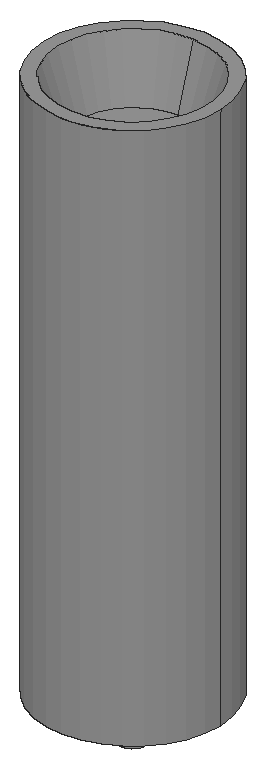
Revit family "2061015 Sylvania Lighting Fixture TubiXx LED surface 2700K white-white", category Lighting Fixtures, host Face, Revit 2016
Family settings
  Host = Face
  Part Type = Normal
  Round Connector Dimension = Use Diameter
  OmniClass Number = 23.80.70.00
  OmniClass Title = Lighting
  Cut with Voids When Loaded = No
  Light Source = Yes
  Shared = No
  Room Calculation Point = No
Parameters (values of type "2061015 TUBIXX LED SURFACE 2700K WHITE-WHITE")
  Weight = "n/a"
  Wattage Comments = ""
  Wattage = 9.2903 W
  WarrantyStartDate [instance] = "n/a"
  WarrantyGuarantorParts = "n/a"
  WarrantyDurationUnit = "n/a"
  WarrantyDurationParts = ""
  WarrantyDescription = "http://www.sylvania-lighting.com"
  built-in parameter 1150110 = 1 (stored number, unit not read)
  Voltage = 0 V
  URL = "0.95"
  TypeName = "TubiXx LED surface 2700K white-white"
  Type Image = <None>
  Type Comments = "n/a"
  Tube Recess = 28 mm
  Tube Diameter = 80 mm
  built-in parameter 1114217 = 1 (stored number, unit not read)
  Tilt Angle = 90.00°
  built-in parameter 1150109 = 1 (stored number, unit not read)
  built-in parameter 1150134 = 3
  built-in parameter 1150113 = 1 (stored number, unit not read)
  SerialNumber [instance] = "n/a"
  Photometric Web File = "2061015.ies"
  Material_3_FEILO = none
  PowerFactor = 0
  PowerConsumption = "Lighting"
  NominalLength = 0 mm
  NominalHeight = 0 mm
  NominalDepth = 0 mm
  Name = "TubiXx LED surface 2700K white-white"
  ModelReference = Name  # "TubiXx LED surface 2700K white-white"
  ModelNumber = "2061015"
  Model = Name  # "TubiXx LED surface 2700K white-white"
  Material = "Feilo Sylvania"
  ManufacturerName = "82 lm/W"
  Manufacturer = ""
  LuminousEfficacy = ""
  built-in parameter 1150105 = 109.82 (stored number, unit not read)
  Lumens = 1380 lm
  LuminaireType = "0"
  built-in parameter 1150115 = 1 (stored number, unit not read)
  LightOutputRatio = "LED"
  built-in parameter 1150137 = (empty or 0)
  built-in parameter 1150139 = (empty or 0)
  LampsType = Lamp  # "n/a"
  LampNominalLuminous = "2700 K"
  LampMacAdamStep = "92"
  LampColourTemperature = "LED"
  LampColourRenderingIndex = "16500"
  built-in parameter 1150112 = 1 (stored number, unit not read)
  built-in parameter 1150114 = 1 (stored number, unit not read)
  Lamp = "n/a"
  Keynote = "n/a"
  InstallationDate [instance] = "n/a"
  InputVoltage = "0"
  InputNominalFrequency = "2700"
  built-in parameter 1150132 = (empty or 0)
  built-in parameter 1150102 = (empty or 0)
  built-in parameter 1150107 = 3200 (stored number, unit not read)
  built-in parameter 1150138 = (empty or 0)
  IngressProtection = "IfcLightFixtureType"
  ImpactProtectionIndex = "IfcLightFixtureType"
  built-in parameter 1150106 = 1.0982 (stored number, unit not read)
  IfcExportType = "IfcLightFixtureType"
  IfcExportAs = "Class I"
  Height = 250 mm
  ExpectedLife = 50000
  Emit from Circle Diameter = 609.6 mm
  Emit Shape Visible in Rendering = no
  ElectricShockClassification = "82"
  built-in parameter 1150104 = 13.8 (stored number, unit not read)
  DurationUnit = "hours"
  DocumentationLiterature = "http://www.sylvania-lighting.com/product/en-int/products/2061015"
  DimmingControlOptions = "n/a"
  Material_2_FEILO = none
  Dimming Lamp Color Temperature Shift = <None>
  Description = "TubiXx LED Surface Mounted is a decorative Surface Mounted fixture with integrated driver, equipped with an integrated non-dimmable LED driver, White finish with White reflector, colour temperature 2700K, 14W, 1152lm, 82lm/W, IP20, IK02, Class I. Dimensions 250mmx80mm."
  Default Elevation = 1219.2 mm
  CreatedOn = "22/11/2019"
  CreatedBy = "@sylvania-lighting.com"
  Cost = 0
  Color Filter = 16777215
  built-in parameter 1114216 [instance] = (empty or 0)
  ClassificationValue = "EF_70_80"
  ClassificationName = "Uniclass2015"
  Material_1_FEILO = none
  Cable Clamp Height = 20 mm
  BarCode [instance] = "n/a"
  built-in parameter 1114218 = 1 (stored number, unit not read)
  built-in parameter 1150133 = 10 (stored number, unit not read)
  AssetType = "Fixed"
  AssetIdentifier [instance] = "n/a"
  Assembly Code = "D5020200"
  Apparent Load = 14 VA
  Material_4_FEILO = none
Reference planes
  plane 1 "Center (Front/Back)": y = 0
  plane 2: z = 0
  plane 3 "Center (Left/Right)": x = 0
  plane 4: x = 40
  plane 5: x = -40
  plane 6: y = 40
  plane 7: y = -40
  plane 8: z = 250
  plane 9: z = 0
  plane 10: z = 222
Forms (mm)
  Extrusion 1, solid, material "Aluminum", detail levels medium+fine
    sketch origin (4.2, 0, 0) x (1, 0, 0) y (0, 1, 0)
      loop
        circle (-4.2, 0) r 40
    from 0 to 250
  Blend 2, void
    base sketch origin (4.2, 0, 0) x (0, 1, 0) y (-1, 0, 0)
      loop
        circle (0, 4.2) r 25
    top sketch origin (4.2, 0, 0) x (0, 1, 0) y (-1, 0, 0)
      loop
        circle (0, 4.2) r 34
    from 222 to 250
  Extrusion 3, solid, material "Plastic, Opaque Black", detail levels fine
    sketch origin (3.621, -0.001, 0) x (0, 1, 0) y (1, 0, 0)
      loop
        circle (0.002, -3.635) r 6
    from 0 to 20
  Extrusion 4, solid, detail levels coarse
    sketch origin (4.2, 0, 0) x (0, 1, 0) y (1, 0, 0)
      loop
        line (39.967, 35.75) -> (-40.071, 35.75) -> (-40.071, -44.142) -> (39.967, -44.142) -> (39.967, 35.75)
    from -250 to 0
  Extrusion 5, solid, material "Glass, White, High Luminance", detail levels fine
    sketch origin (4.2, 0, 222) x (0, 1, 0) y (-1, 0, 0)
      loop
        circle (0.004, 4.166) r 25.024
    from 0 to 1
Cuts and joins
  Blend 2 cuts Extrusion 1
Dimensions and locks
  "Tube Diameter": plane 5 to plane 4
  equal spacing: plane 5, plane 3 "Center (Left/Right)", plane 4
  "Tube Diameter": plane 6 to plane 7
  equal spacing: plane 6, plane 1 "Center (Front/Back)", plane 7
  "Height": plane 8 to host face
  "Tube Recess": plane 8 to plane 10
  aligned and locked: plane 2 to host face
  aligned and locked: level to host face
Automatic sketch dimensions
  host sketch curve to host sketch curve = 2438.4 mm  (x2)
  plane 1 "Center (Front/Back)" to Extrusion 1 sketch curve = 0 mm
  Extrusion 1 sketch curve to plane 3 "Center (Left/Right)" = 0 mm
  plane 1 "Center (Front/Back)" to Blend 2 sketch curve = 0 mm  (x2)
  Blend 2 sketch curve to plane 3 "Center (Left/Right)" = 0 mm  (x2)
  Extrusion 4 sketch curve to Extrusion 4 sketch curve = 80.038 mm
  Extrusion 4 sketch curve to Extrusion 4 sketch curve = 79.892 mm
  radius of Extrusion 1 sketch curve = 40 mm
  radius of Blend 2 sketch curve = 25 mm
  radius of Blend 2 sketch curve = 34 mm
  radius of Extrusion 3 sketch curve = 6 mm
  radius of Extrusion 5 sketch curve = 25.024 mm
Connectors
  electrical at (-0.015, 0.001, -20)
    settings: on Extrusion 3, index 1, voltage 0 V, apparent load 0 VA, apparent load phase1 0 VA, apparent load phase2 0 VA, apparent load phase3 0 VA, power factor 1, load classification "Other", number of poles 1, system type 31, power factor state 1, is connector primary yes, connector utility no, sub classification motor no, connector description ""
  electrical at (0, 0, 250)
    settings: on cut or joined group of Extrusion 1, Blend 2, index 2, voltage 0 V, apparent load 0 VA, apparent load phase1 0 VA, apparent load phase2 0 VA, apparent load phase3 0 VA, power factor 1, load classification "Other", number of poles 1, system type 31, power factor state 1, is connector primary no, connector utility no, sub classification motor no, connector description ""
